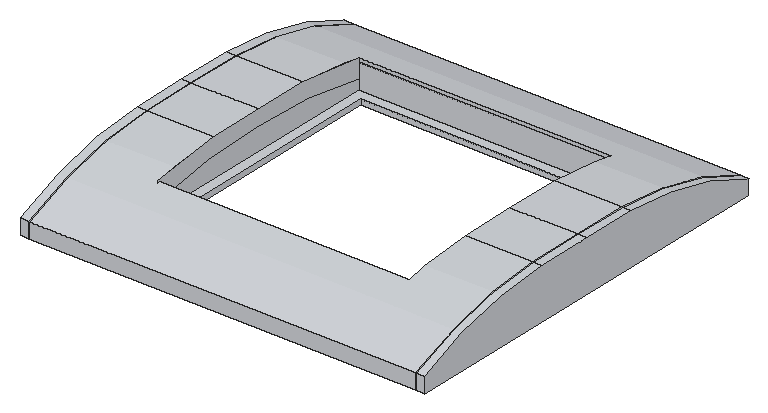
Revit family "Gira_1002334", category Electrical Fixtures, host Face, Revit 2017
Family settings
  Host = Face
  Maintain Annotation Orientation = No
  Round Connector Dimension = Use Diameter
  Part Type = Normal
  Cut with Voids When Loaded = No
  Shared = No
  Room Calculation Point = No
Parameters (values of type "Abdeckrahmen 2f o.M. Zwischenr. RW Gira Event Opak Weiß")
  Werkstoffgüte = "Thermoplast"
  Werkstoff = "Kunststoff"
  URL = "http://katalog.gira.de/de_DE/datenblatt.html?artikelnr=1002334"
  Transparent = "No"
  Textfeld/Beschriftungsfläche = "No"
  Schutzart (IP) = "IP20"
  Region = "DE"
  Oberfläche = "sonstige"
  Name = "Abdeckrahmen 2f o.M. Zwischenr. RW Gira Event Opak Weiß"
  Montagerichtung = "horizontal und vertikal"
  Mit Montagerahmen = "No"
  Mit Klappdeckel = "No"
  Manufacturer URL = "https://www.gira.de/"
  Keynote = "Event_Rahmen_2fach o.Mittelsteg"
  HeinzeBIM = "https://bimportal.heinze.de/bim/abdeckrahmen-2f-o-m-zwischenr-rw-gira-event-opak-weiss/edf39b401286a32b9161e91d6a24d80541097cdd"
  Halogenfrei = "Yes"
  HAN = "1002334"
  Geeignet für Unterputz-Installation = "Yes"
  Geeignet für Unterflurkanaldose = "No"
  Geeignet für Geräteeinbaukanal = "No"
  Geeignet für Einbauinstallation = "No"
  GTIN = "4010337074427"
  Farbe = "weiß"
  Default Elevation = 1219.2 mm
  Data sheet (1) = "https://katalog.gira.de/de_DE/download.html?artikelnr=1002334"
  Category = "Abdeckrahmen"
  Befestigungsart = "Klemmbefestigung"
  Available = "Yes"
  Anzahl der Einheiten vertikal = "2 "
  Anzahl der Einheiten horizontal = "2 "
  Anzahl der Einheiten = "2 "
Reference planes
  plane 1 "Center (Front/Back)": y = 0
  plane 2: z = 0
  plane 3 "Center (Left/Right)": x = 0
Forms (mm)
  Extrusion 1, solid, detail levels fine
    sketch origin (0, 0, 1.55) x (0, 1, 0) y (0, 0, 1)
      loop
        arc (12.445, 9.683) -> (6.223, 9.833) -> (0, 9.85) r 291.636
        arc (0, 9.85) -> (-6.223, 9.833) -> (-12.445, 9.683) r 291.636
        arc (-12.445, 9.683) -> (-29.14, 7.482) -> (-45, 1.823) r 79.728
        line (-45, 1.823) -> (-45, -1.55) -> (-41.777, -1.55) -> (-41.777, -0.55)
        arc (-41.777, -0.55) -> (-21.205, 4.846) -> (0, 6.467) r 118.15
        arc (0, 6.467) -> (21.205, 4.846) -> (41.777, -0.55) r 118.15
        line (41.777, -0.55) -> (41.777, -1.55) -> (45, -1.55) -> (45, 1.823)
        arc (45, 1.823) -> (29.14, 7.482) -> (12.445, 9.683) r 79.728
    from -43 to 43
  Extrusion 2, void, detail levels fine
    sketch origin (0, 0, 0) x (1, 0, 0) y (0, 1, 0)
      loop
        line (-28, -28) -> (28, -28) -> (28, 28) -> (-28, 28) -> (-28, -28)
    from 2.85 to 12
  Extrusion 3, solid, detail levels coarse
    sketch origin (0, 0, 0) x (1, 0, 0) y (0, 1, 0)
      loop
        line (-45, 45) -> (-45, -45) -> (45, -45) -> (45, 45) -> (-45, 45)
    from 0 to 11.4
  Extrusion 4, solid, detail levels medium
    sketch origin (0, 0, 1.55) x (0, 1, 0) y (0, 0, 1)
      loop
        arc (12.445, 9.683) -> (6.223, 9.833) -> (0, 9.85) r 291.636
        arc (0, 9.85) -> (-6.223, 9.833) -> (-12.445, 9.683) r 291.636
        arc (-12.445, 9.683) -> (-29.14, 7.482) -> (-45, 1.823) r 79.728
        line (-45, 1.823) -> (-45, -1.55) -> (45, -1.55) -> (45, 1.823)
        arc (45, 1.823) -> (29.14, 7.482) -> (12.445, 9.683) r 79.728
    from -45 to 45
  Extrusion 5, solid, detail levels fine
    sketch origin (0, 0, 0) x (0, 1, 0) y (0, 0, 1)
      loop
        arc (45, 3.373) -> (29.14, 9.032) -> (12.445, 11.233) r 79.728
        arc (12.445, 11.233) -> (6.223, 11.383) -> (0, 11.4) r 291.636
        arc (0, 11.4) -> (-6.223, 11.383) -> (-12.445, 11.233) r 291.636
        arc (-12.445, 11.233) -> (-29.14, 9.032) -> (-45, 3.373) r 79.728
        line (-45, 3.373) -> (-45, 0) -> (45, 0) -> (45, 3.373)
    from 43 to 45
  Extrusion 6, solid, detail levels fine
    sketch origin (0, 0, 0) x (0, 1, 0) y (0, 0, -1)
      loop
        line (45, -3.373) -> (45, 0) -> (-45, 0) -> (-45, -3.373)
        arc (-45, -3.373) -> (-29.14, -9.032) -> (-12.445, -11.233) r 79.728
        arc (-12.445, -11.233) -> (-6.223, -11.383) -> (0, -11.4) r 291.636
        arc (0, -11.4) -> (6.223, -11.383) -> (12.445, -11.233) r 291.636
        arc (12.445, -11.233) -> (29.14, -9.032) -> (45, -3.373) r 79.728
    from 43 to 45
  Extrusion 7, solid, detail levels fine
    sketch origin (0, 0, 0) x (1, 0, 0) y (0, 1, 0)
      loop
        line (-25.7, 25.7) -> (-25.7, -25.7) -> (25.7, -25.7) -> (25.7, 25.7) -> (-25.7, 25.7)
      loop
        line (-29.495, 27.895) -> (-29.495, -27.895)
        spline (-29.495, -27.895) -> (-29.486, -28.025) -> (-29.461, -28.154) -> (-29.419, -28.278) -> (-29.361, -28.395) -> (-29.288, -28.504) -> (-29.202, -28.602) -> (-29.104, -28.688) -> (-28.995, -28.761) -> (-28.878, -28.819) -> (-28.754, -28.861) -> (-28.625, -28.886) -> (-28.495, -28.895)
        line (-28.495, -28.895) -> (28.495, -28.895)
        spline (28.495, -28.895) -> (28.625, -28.886) -> (28.754, -28.861) -> (28.878, -28.819) -> (28.995, -28.761) -> (29.104, -28.688) -> (29.202, -28.602) -> (29.288, -28.504) -> (29.361, -28.395) -> (29.419, -28.278) -> (29.461, -28.154) -> (29.486, -28.025) -> (29.495, -27.895)
        line (29.495, -27.895) -> (29.495, 27.895)
        spline (29.495, 27.895) -> (29.486, 28.025) -> (29.461, 28.154) -> (29.419, 28.278) -> (29.361, 28.395) -> (29.288, 28.504) -> (29.202, 28.602) -> (29.104, 28.688) -> (28.995, 28.761) -> (28.878, 28.819) -> (28.754, 28.861) -> (28.625, 28.886) -> (28.495, 28.895)
        line (28.495, 28.895) -> (-28.495, 28.895)
        spline (-28.495, 28.895) -> (-28.625, 28.886) -> (-28.754, 28.861) -> (-28.878, 28.819) -> (-28.995, 28.761) -> (-29.104, 28.688) -> (-29.202, 28.602) -> (-29.288, 28.504) -> (-29.361, 28.395) -> (-29.419, 28.278) -> (-29.461, 28.154) -> (-29.486, 28.025) -> (-29.495, 27.895)
    from 1.673 to 8.5
Cuts and joins
  Extrusion 2 cuts Extrusion 1
  Extrusion 2 cuts Extrusion 7
Dimensions and locks
  aligned and locked: plane 2 to host face
  aligned and locked: level to host face
